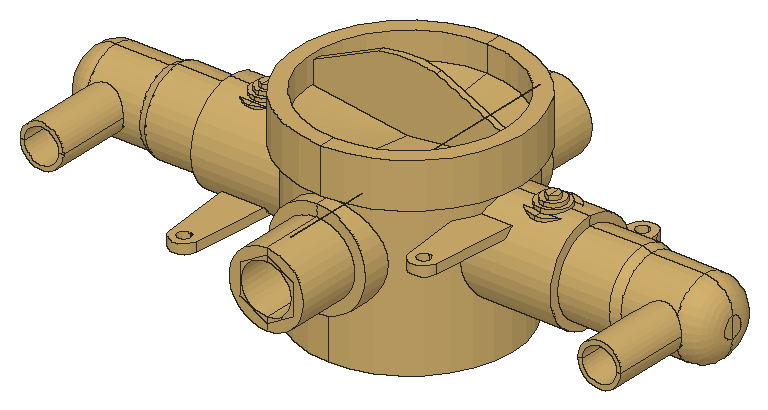
Revit family "Pressure_Balance_Rough_Valve-GROHE-35116000", category Plumbing Fixtures, host Face, Revit 2016
Family settings
  Host = Face
  Part Type = Normal
  Round Connector Dimension = Use Diameter
  OmniClass Number = 23.45.05.14.17
  OmniClass Title = Showers
  Cut with Voids When Loaded = Yes
  Shared = Yes
  Room Calculation Point = No
Parameters (values of type "GROHSAFE 3.0 - 35116000 1/2" NPT Outlet")
  Water Connection Diameter = 1/2"  # constant formula
  Waste Connection = no
  Warranty Information = ""
  WFU = 4  # constant formula
  Vent Connection = no
  URL = "www.grohe.ca"
  Type Comments = ""
  Specification = " 1/2in PEX Cold Expansion Elbow inlets; 1/2in Universal outlets; Includes plug for 3-port installation; Universal connection is 1/2” male threads by copper sweat; Flush plug included; Can be tested using flush plug with air (200 psi) or water 300 psi;Valve can be rotated 180 degrees to accommodate floor or ceiling supplies ;Made of DZR Brass; Service stops; Cartridge ships with the trim"  # constant formula
  Shower Outlet To Spout Outlet Width = 3 5/8"  # constant formula
  ScrewDriver Stop = yes
  Product Page URL = ""
  Product Documentation Link = ""
  Price = "Prices may vary. Please consult Manufacturer Representative for most up-to-date price list."  # constant formula
  Plaster Guard = yes
  Outlet to Wall = 2"
  Outlet to Outlet = 3 5/8"
  Outlet To Center = Shower Outlet To Spout Outlet Width / 2  # 1 13/16"
  Model = "35116000"  # constant formula
  Material = "DZR_Brass-Grohe"
  Manufacturer = "Grohe"  # constant formula
  Installation Type = "Wall Mounted"  # constant formula
  Inlet to Wall = 1"
  Inlet To Center = Hot Inlet To Cold Inlet Width / 2  # 3 1/4"
  Hot Inlet To Cold Inlet Width = 6 1/2"
  HWFU = 3  # constant formula
  HW Connection = yes
  Finish = DZR_Brass-Grohe
  Description = "Pressure Balance Valve Rough with Elbows - PEX Cold Expansion with Service Stops"  # constant formula
  Dept From Wall Face To Outlet = if(Outlet to Wall < 1 3/4", 1 3/4", if(Outlet to Wall > 2 3/4", 2 3/4", Outlet to Wall))  # 2"
  Dept From Wall Face To COFC = if(Inlet to Wall < 7/8", 7/8", if(Inlet to Wall > 2", 2", Inlet to Wall))  # 1"
  Default Elevation = 0"  # constant formula
  Creation Date = "03/20/2020"  # constant formula
  Connection Size = 1/2"  # constant formula
  Connection Outlet Description = "1/2\" NPT Connection Outlet"
  Connection HW Inlet Description = "1/2” PEX Cold Expansion Elbow Connection Inlet"
  Connection CW Inlet Description = "1/2” PEX Cold Expansion Elbow Connection Inlet"
  CWFU = 3  # constant formula
  CW Connection = yes
  Assembly Code = "D2020300"
Types (3): name | Connection Outlet Description
  (no name) | "1/2\" NPT Connection Outlet"
  GROHSAFE 3.0 - 35116000 1/2" Copper Sweat Outlet | "1/2\" Copper Sweat Connection Outlet"
  GROHSAFE 3.0 - 35116000 1/2" NPT Outlet | "1/2\" NPT Connection Outlet"
Reference planes (in)
  plane 1 "Center (Front/Back)": y = -0.625
  plane 2: z = 0
  plane 3 "Center (Left/Right)": x = 0
  plane 4: z = -0.45494
  plane 5: y = -0.59375
  plane 6: y = -0.65625
  plane 7: y = -2.4375
  plane 8: y = 1.1875
  plane 9: z = -2
  plane 10: z = -1
  plane 11: x = 1.03125
  plane 12: x = -1.03125
  plane 13: x = 2.4375
  plane 14: x = -2.4375
  plane 15: z = -1.27344
  plane 16: x = -2.8125
  plane 17: x = 3.25
  plane 18: x = -3.15977
  plane 19: x = -3.25
  plane 20: x = 3.25
  plane 21: x = 2.8125
Forms (in)
  Extrusion 1, solid
    sketch origin (0, 0, 0) x (1, 0, 0) y (0, 1, 0)
      loop
        line (-0.12634, -0.50696) -> (-0.12634, -0.76768) -> (0.16418, -0.76768) -> (0.16418, -0.50696) -> (-0.12634, -0.50696)
    from -0.69087 to -0.7969
  Revolve 2, solid, material "DZR_Brass-Grohe"
    sketch origin (0, 0, 0) x (0, 1, 0) y (0, 0, 1)
      loop
        line (0.40625, -2) -> (0.40625, -0.45494) -> (0.5046, -0.45494) -> (0.5046, 0) -> (0.34375, 0) -> (0.34375, -0.26863) -> (-0.625, -0.39363) -> (-0.625, -0.51744) -> (0.34375, -0.51744) -> (0.34375, -1.9375) -> (-0.625, -1.9375) -> (-0.625, -2) -> (0.40625, -2)
      axis (-0.625, 0) -> (-0.625, -2)
    angle from 0 to 360
  Extrusion 3, solid, material "DZR_Brass-Grohe"
    sketch origin (0, 1.1875, -0.69922) x (0, 1, 0) y (-1, 0, 0)
      loop
        line (-0.63558, 1.20343) -> (-1.8125, 1.31847) -> (-1.8125, 0.81724) -> (-0.63558, 0.93227)
        arc (-0.63558, 0.93227) -> (-0.5126, 1.06785) -> (-0.63558, 1.20343) r 0.13623
      loop
        circle (-0.64883, 1.06785) r 0.06518
      loop
        line (-2.98942, -1.20343) -> (-1.8125, -1.31847) -> (-1.8125, -0.81724) -> (-2.98942, -0.93227)
        arc (-2.98942, -0.93227) -> (-3.1124, -1.06785) -> (-2.98942, -1.20343) r 0.13623
      loop
        circle (-2.97617, -1.06785) r 0.06518
    from -0.01953 to 0.07575
  Extrusion 4, solid, material "DZR_Brass-Grohe", visible <- "Plaster Guard"
    sketch origin (0, -5.06165, -1.98606) x (0, -1, 0) y (1, 0, 0)
      loop
        arc (-3.25973, -1.48468) -> (-3.13676, -1.3491) -> (-3.25973, -1.21352) r 0.13623
        line (-3.25973, -1.21352) -> (-4.43665, -1.09849) -> (-4.43665, -1.59972) -> (-3.25973, -1.48468)
      loop
        circle (-3.27298, -1.3491) r 0.06518
      loop
        arc (-5.61357, 1.54718) -> (-5.73655, 1.4116) -> (-5.61357, 1.27602) r 0.13623
        line (-5.61357, 1.27602) -> (-4.43665, 1.16099) -> (-4.43665, 1.66222) -> (-5.61357, 1.54718)
      loop
        circle (-5.60032, 1.4116) r 0.06518
    from 0.61857 to 0.71262
  Extrusion 5, solid, material "DZR_Brass-Grohe"
    sketch origin (0, -0.625, 0) x (1, 0, 0) y (0, 0, 1)
      loop
        line (1.06785, -0.45494) -> (1.06785, -0.09479) -> (0.29629, 0.26499)
        arc (0.29629, 0.26499) -> (0, 0.30738) -> (-0.29629, 0.26499) r 1.05669
        line (-0.29629, 0.26499) -> (-1.06785, -0.09479) -> (-1.06785, -0.45494) -> (1.06785, -0.45494)
    from -0.03125 to 0.03125
  Revolve 6, solid, material "DZR_Brass-Grohe", visible <- "ScrewDriver Stop"
    sketch origin (-1.44285, -0.65886, 48.30811) x (0, -1, 0) y (0, 0, 1)
      loop
        line (-0.03386, -48.93159) -> (0.19474, -48.93159) -> (0.19474, -48.84071) -> (0.12322, -48.84071) -> (0.12322, -48.80071) -> (0.07947, -48.80071) -> (0.07947, -48.76585) -> (0.03078, -48.76585) -> (0.03078, -48.7303) -> (-0.03386, -48.7303) -> (-0.03386, -48.93159)
      axis (-0.03386, -48.93159) -> (-0.03386, -48.7303)
    angle from 0 to 360
  Revolve 7, solid, material "DZR_Brass-Grohe", visible <- "ScrewDriver Stop"
    sketch origin (1.44285, 2.2913, 48) x (0, 1, 0) y (0, 0, 1)
      loop
        line (-2.9163, -48.62347) -> (-2.9163, -48.41325) -> (-2.98094, -48.41325) -> (-2.98094, -48.4488) -> (-3.03483, -48.4488) -> (-3.03483, -48.48367) -> (-3.07858, -48.48367) -> (-3.07858, -48.52367) -> (-3.1501, -48.52367) -> (-3.1501, -48.62347) -> (-2.9163, -48.62347)
      axis (-2.9163, -48.62347) -> (-2.9163, -48.41325)
    angle from 0 to 360
  Revolve 8, solid, material "DZR_Brass-Grohe"
    sketch origin (0, -0.625, 0) x (1, 0, 0) y (0, 0, 1)
      loop
        line (2.33361, -0.75) -> (2.33361, -1) -> (3.25, -1) -> (3.25, -0.89862)
        arc (3.25, -0.89862) -> (3.16757, -0.69962) -> (2.96856, -0.61719) r 0.28144
        line (2.96856, -0.61719) -> (2.42782, -0.61719) -> (2.34113, -0.58459) -> (1.8125, -0.58459) -> (1.8125, -0.5) -> (-1.8125, -0.5) -> (-1.8125, -0.58459) -> (-2.34113, -0.58459) -> (-2.42782, -0.61719) -> (-2.96856, -0.61719)
        arc (-2.96856, -0.61719) -> (-3.16757, -0.69962) -> (-3.25, -0.89862) r 0.28144
        line (-3.25, -0.89862) -> (-3.25, -1) -> (-2.33361, -1) -> (-2.33361, -0.75) -> (2.33361, -0.75)
      axis (3.25, -1) -> (-3.25, -1)
    angle from 0 to 360
  Revolve 9, solid, material "DZR_Brass-Grohe"
    sketch origin (0, -0.625, 0) x (0, 1, 0) y (0, 0, 1)
      loop
        line (1.8125, -0.75) -> (1.8125, -0.6875) -> (1.8125, -0.625) -> (1.17692, -0.625) -> (1.17692, -0.50765) -> (-1.17692, -0.50765) -> (-1.17692, -0.625) -> (-1.8125, -0.625) -> (-1.8125, -0.6875) -> (-1.8125, -0.75) -> (1.8125, -0.75)
      axis (1.8125, -1) -> (-1.8125, -1)
    angle from 0 to 360
  Extrusion 10, void
    sketch origin (0, 1.1875, -0.72266) x (0, 1, 0) y (-1, 0, 0)
      loop
        circle (-1.8125, 0) r 2
    from -2.58468 to 0.72266
  Revolve 11, solid, material "DZR_Brass-Grohe"
    sketch origin (-0.02344, 1.1875, -0.99609) x (0, 1, 0) y (-1, 0, 0)
      loop
        line (-1.8125, 2.61691) -> (-2.94278, 2.61691) -> (-2.94278, 2.57214) -> (-1.8125, 2.57214) -> (-1.8125, 2.61691)
      axis (-2.94278, 2.78906) -> (-1.8125, 2.78906)
    angle from 0 to 360
  Revolve 12, solid, material "DZR_Brass-Grohe"
    sketch origin (0.02344, 1.1875, -0.99609) x (0, 1, 0) y (-1, 0, 0)
      loop
        line (-2.94278, -2.57214) -> (-2.94278, -2.61691) -> (-1.8125, -2.61691) -> (-1.8125, -2.57214) -> (-2.94278, -2.57214)
      axis (-2.94278, -2.78906) -> (-1.8125, -2.78906)
    angle from 0 to 360
Cuts and joins
  joined: Extrusion 3, Extrusion 5
Lines and regions (in)
  Masking region 1
    outline origin (0, 0, 0) x (0, 1, 0) y (0, 0, 1)
      loop
        line (0.5046, 0) -> (-0.59375, 0) -> (-0.59375, 0.30738) -> (-0.65625, 0.30738) -> (-0.65625, 0) -> (-1.7546, 0) -> (-1.7546, -0.45494) -> (-1.80192, -0.45494) -> (-1.80192, -0.62347) -> (-2.4375, -0.62347) -> (-2.4375, -0.6875) -> (-2.4375, -1.30469) -> (-2.4375, -1.3753) -> (-1.80192, -1.3753) -> (-1.80192, -1.48844) -> (-1.65625, -1.48844) -> (-1.65625, -2) -> (0.40625, -2) -> (0.40625, -1.49123) -> (0.55192, -1.49123) -> (0.55192, -1.3753) -> (1.1875, -1.3753) -> (1.1875, -1.30469) -> (1.1875, -0.6875) -> (1.1875, -0.62347) -> (0.55192, -0.62347) -> (0.55192, -0.45494) -> (0.5046, -0.45494) -> (0.5046, 0)
  Masking region 2
    outline origin (0, -0.625, 0) x (1, 0, 0) y (0, 0, 1)
      loop
        arc (0.29629, 0.26499) -> (0, 0.30738) -> (-0.29629, 0.26499) r 1.05669
        line (-0.29629, 0.26499) -> (-0.86457, 0) -> (-1.1296, 0) -> (-1.1296, -0.45494) -> (-1.03125, -0.45494) -> (-1.03125, -0.50027) -> (-1.23806, -0.50027) -> (-1.23806, -0.36738) -> (-1.63583, -0.36738) -> (-1.63583, -0.50027) -> (-1.8125, -0.50027) -> (-1.8125, -0.58245) -> (-2.33543, -0.58245) -> (-2.42782, -0.61719) -> (-2.99193, -0.61719)
        arc (-2.99193, -0.61719) -> (-3.17441, -0.69277) -> (-3.25, -0.87526) r 0.25807
        line (-3.25, -0.87526) -> (-3.25, -1.11349)
        arc (-3.25, -1.11349) -> (-3.17112, -1.30393) -> (-2.98068, -1.38281) r 0.26932
        line (-2.98068, -1.38281) -> (-2.42782, -1.38281) -> (-2.33543, -1.41755) -> (-1.8125, -1.41755) -> (-1.8125, -1.49973) -> (-1.03125, -1.49973) -> (-1.03125, -2) -> (1.03125, -2) -> (1.03125, -1.49973) -> (1.8125, -1.49973) -> (1.8125, -1.41755) -> (2.33543, -1.41755) -> (2.42782, -1.38281) -> (2.98068, -1.38281)
        arc (2.98068, -1.38281) -> (3.17112, -1.30393) -> (3.25, -1.11349) r 0.26932
        line (3.25, -1.11349) -> (3.25, -0.87526)
        arc (3.25, -0.87526) -> (3.17441, -0.69277) -> (2.99193, -0.61719) r 0.25807
        line (2.99193, -0.61719) -> (2.42782, -0.61719) -> (2.33543, -0.58245) -> (1.8125, -0.58245) -> (1.8125, -0.50027) -> (1.63583, -0.50027) -> (1.63583, -0.36738) -> (1.23806, -0.36738) -> (1.23806, -0.50027) -> (1.03125, -0.50027) -> (1.03125, -0.45494) -> (1.1296, -0.45494) -> (1.1296, 0) -> (0.86457, 0) -> (0.29629, 0.26499)
  Masking region 3
    outline origin (0.00133, -0.625, 0.00007) x (1, 0, 0) y (0, 0, 1)
      loop
        arc (0.29629, 0.26499) -> (0, 0.30738) -> (-0.29629, 0.26499) r 1.05669
        line (-0.29629, 0.26499) -> (-0.86457, 0) -> (-1.1296, 0) -> (-1.1296, -0.45494) -> (-1.03125, -0.45494) -> (-1.03125, -0.50027) -> (-1.23806, -0.50027) -> (-1.23806, -0.36738) -> (-1.63583, -0.36738) -> (-1.63583, -0.50027) -> (-1.8125, -0.50027) -> (-1.8125, -0.58245) -> (-2.33543, -0.58245) -> (-2.42782, -0.61719) -> (-2.99193, -0.61719)
        arc (-2.99193, -0.61719) -> (-3.17441, -0.69277) -> (-3.25, -0.87526) r 0.25807
        line (-3.25, -0.87526) -> (-3.25, -1.11349)
        arc (-3.25, -1.11349) -> (-3.17112, -1.30393) -> (-2.98068, -1.38281) r 0.26932
        line (-2.98068, -1.38281) -> (-2.42782, -1.38281) -> (-2.33543, -1.41755) -> (-1.8125, -1.41755) -> (-1.8125, -1.49973) -> (-1.03125, -1.49973) -> (-1.03125, -2) -> (1.03125, -2) -> (1.03125, -1.49973) -> (1.8125, -1.49973) -> (1.8125, -1.41755) -> (2.33543, -1.41755) -> (2.42782, -1.38281) -> (2.98068, -1.38281)
        arc (2.98068, -1.38281) -> (3.17112, -1.30393) -> (3.25, -1.11349) r 0.26932
        line (3.25, -1.11349) -> (3.25, -0.87526)
        arc (3.25, -0.87526) -> (3.17441, -0.69277) -> (2.99193, -0.61719) r 0.25807
        line (2.99193, -0.61719) -> (2.42782, -0.61719) -> (2.33543, -0.58245) -> (1.8125, -0.58245) -> (1.8125, -0.50027) -> (1.63583, -0.50027) -> (1.63583, -0.36738) -> (1.23806, -0.36738) -> (1.23806, -0.50027) -> (1.03125, -0.50027) -> (1.03125, -0.45494) -> (1.1296, -0.45494) -> (1.1296, 0) -> (0.86457, 0) -> (0.29629, 0.26499)
  symbolic lines, detail levels fine
    curve 1: line (0.86457, -0.625, 0) -> (-0.86457, -0.625, 0)
    curve 2: line (1.1296, -0.625, -0.45494) -> (0, -0.625, -0.45494)
    curve 3: line (0, -0.625, -0.45494) -> (-1.1296, -0.625, -0.45494)
    curve 4: circle (0, -0.625, -1) r 0.3125 normal (0, -1, 0)
    curve 5: circle (0, -0.625, -1) r 0.25 normal (0, -1, 0)
    curve 6: circle (0, -0.625, -1) r 0.375 normal (0, -1, 0)
    curve 7: line (0, 0.5046, -0.45494) -> (0, -1.7546, -0.45494)
    curve 8: circle (0, -0.625, -1) r 0.41541 normal (-1, 0, 0)
    curve 9: circle (0, -0.625, -1) r 0.25 normal (-1, 0, 0)
    curve 10: circle (0, -0.625, -1) r 0.5 normal (-1, 0, 0)
    curve 11: circle (0, -0.625, -1) r 0.3125 normal (-1, 0, 0)
    curve 12: line (1.8125, -0.625, -0.5) -> (1.8125, -0.625, -1.5)
    curve 13: line (2.42782, -0.625, -1.38281) -> (2.42782, -0.625, -0.61719)
    curve 14: line (2.34113, -0.625, -1.41541) -> (2.34113, -0.625, -0.58459)
    curve 15: line (-2.42782, -0.625, -1.38281) -> (-2.42782, -0.625, -0.61719)
    curve 16: line (-2.34113, -0.625, -1.41541) -> (-2.34113, -0.625, -0.58459)
Dimensions and locks (in)
  locked: Revolve 2 sketch curve to Revolve 2 sketch curve at 0.0625
  locked: cut or joined group of Extrusion 3, Extrusion 5 to cut or joined group of Extrusion 3, Extrusion 5 at 0.09528
  locked: Extrusion 4 to Extrusion 4 at 0.09405
  plane 4 to level = 0.45494"
  Revolve 7 sketch curve to Revolve 7 sketch curve to Revolve 7 sketch curve to Revolve 7 sketch curve to Revolve 7 sketch curve = 0.03555" locked, 0.03486" locked, 0.04" locked, 0.0998" locked
  Revolve 7 sketch curve to Revolve 7 sketch curve to Revolve 7 sketch curve to Revolve 7 sketch curve to Revolve 7 sketch curve = 0.06464" locked, 0.0539" locked, 0.04375" locked, 0.07151" locked
  Revolve 2 sketch curve to Revolve 2 sketch curve to Revolve 2 sketch curve to plane 1 "Center (Front/Back)" = 0.09835" locked, 1/16" locked, 31/32" locked
  Revolve 2 sketch curve to Revolve 2 sketch curve to Revolve 2 sketch curve = 1/16" locked, 0.45494"
  equal spacing: plane 8, plane 1 "Center (Front/Back)", plane 7
  "Dept From Wall Face To Outlet": level to plane 9
  "Dept From Wall Face To COFC": level to plane 10
  level to plane 10 = 1"
  plane 6 to plane 7 = 1 25/32"
  Extrusion 4 to Extrusion 4 = 0.09405"
  Revolve 7 sketch curve to Revolve 7 sketch curve = 0.21022"
  plane 10 to plane 15 = 35/128"  (x2)
  locked: cut or joined group of Extrusion 3, Extrusion 5 to plane 10 at 0.28125
  "Outlet to Outlet": Revolve 9 sketch curve to Revolve 9 sketch curve
  equal spacing: Revolve 9 sketch curve, plane 1 "Center (Front/Back)", Revolve 9 sketch curve
  Revolve 9 sketch curve to Revolve 9 sketch curve to Revolve 9 sketch curve = 1/8" locked, 0.11735" locked
  Revolve 6 sketch curve to Revolve 6 sketch curve to Revolve 6 sketch curve to Revolve 6 sketch curve = 0.03555" locked, 0.03486" locked, 0.04" locked
  Revolve 6 sketch curve to Revolve 6 sketch curve to Revolve 6 sketch curve to Revolve 6 sketch curve to Revolve 6 sketch curve = 0.06464" locked, 0.04869", 0.04375" locked, 0.07151" locked
  "Hot Inlet To Cold Inlet Width": Revolve 8 sketch curve to Revolve 8 sketch curve
  equal spacing: Revolve 8 sketch curve, plane 3 "Center (Left/Right)", Revolve 8 sketch curve
  locked: plane 18 to plane 16 at 0.34727
  equal spacing: plane 19, plane 3 "Center (Left/Right)", plane 20
  "Inlet To Center": plane 19 to plane 3 "Center (Left/Right)"
  locked: plane 19 to plane 16 at 0.4375
  locked: Revolve 12 sketch curve to Revolve 12 sketch curve at 0.04477
  locked: plane 20 to plane 21 at 0.4375
  radius of Revolve 8 sketch curve = 0.28144"  (x2)
  aligned and locked: plane 1 "Center (Front/Back)" to Revolve 2 sketch curve
  aligned and locked: Revolve 2 sketch curve to plane 1 "Center (Front/Back)"  (x2)
  aligned and locked: plane 1 "Center (Front/Back)" to Extrusion 3 sketch curve
  aligned and locked: Extrusion 5 to plane 5
  aligned and locked: Revolve 2 sketch curve to Revolve 2 sketch curve
  aligned and locked: Revolve 2 to curve 1
  aligned and locked: plane 10 to Revolve 8 sketch curve  (x2)
  aligned and locked: Revolve 9 sketch curve to plane 10
  aligned and locked: Revolve 2 sketch curve to plane 9
  aligned and locked: plane 7 to Revolve 9 sketch curve
  aligned and locked: plane 4 to Revolve 2 sketch curve
  aligned and locked: Extrusion 4 to plane 15
  aligned and locked: level to Extrusion 10
  aligned and locked: curve 5 to Revolve 9
  aligned and locked: curve 6 to Revolve 9
  aligned and locked: Masking region 1 sketch curve to Revolve 2  (x5)
  aligned and locked: Masking region 1 sketch curve to Revolve 9  (x6)
  aligned and locked: Masking region 1 sketch curve to cut or joined group of Extrusion 3, Extrusion 5
  aligned and locked: curve 7 to Revolve 2
  aligned and locked: curve 8 to Revolve 8
  aligned and locked: curve 9 to Revolve 8
  aligned and locked: curve 10 to Revolve 8
  aligned and locked: Revolve 9 sketch curve to Revolve 9 sketch curve
  aligned and locked: Revolve 7 sketch curve to cut or joined group of Extrusion 3, Extrusion 5
  aligned and locked: Masking region 2 sketch curve to cut or joined group of Extrusion 3, Extrusion 5  (x2)
  aligned and locked: cut or joined group of Extrusion 3, Extrusion 5 to Masking region 2 sketch curve
  aligned and locked: Revolve 8 to Masking region 2 sketch curve
  aligned and locked: Masking region 2 sketch curve to Revolve 2
  aligned and locked: curve 12 to Revolve 8
  aligned and locked: Revolve 11 sketch curve to plane 16
  aligned and locked: plane 21 to Revolve 12 sketch curve
  aligned and locked: curve 13 to Revolve 8
  aligned and locked: curve 14 to Revolve 8
  aligned and locked: curve 15 to Revolve 8
  aligned and locked: curve 16 to Revolve 8
Automatic sketch dimensions
  curve 4 to curve 5 = 0"  (x2)
  curve 3 to plane 4 = 0"
  curve 1 to level = 0"
  curve 2 to plane 3 "Center (Left/Right)" = 0"
  curve 1 to plane 12 = 0.16668"
  plane 12 to curve 3 = 0.09835"
  plane 11 to curve 1 = 0.16668"
  curve 2 to plane 11 = 0.09835"
  curve 12 to plane 15 = 29/128"
  curve 12 to plane 4 = 0.04506"
  Extrusion 1 sketch curve to Extrusion 1 sketch curve = 0.29052"
  Extrusion 1 sketch curve to Extrusion 1 sketch curve = 0.26072"
  plane 4 to Revolve 2 sketch curve = 0.06131"
  plane 4 to Revolve 2 sketch curve = 0.18631"
  level to Revolve 2 sketch curve = 0.24949"
  Revolve 2 sketch curve to Revolve 2 sketch curve = 0.17262"
  Extrusion 3 sketch curve to Extrusion 3 sketch curve = 0"  (x4)
  plane 1 "Center (Front/Back)" to Extrusion 3 sketch curve = 0"
  Extrusion 3 sketch curve to plane 11 = 0.0366"
  plane 7 to Extrusion 3 sketch curve = 0.64883"
  Extrusion 3 sketch curve to plane 11 = 0.17218"
  Extrusion 3 sketch curve to Extrusion 3 sketch curve = 0.01325"  (x2)
  plane 11 to Extrusion 3 sketch curve = 0.09898"
  plane 12 to Extrusion 3 sketch curve = 0.0366"
  Extrusion 3 sketch curve to plane 8 = 0.64883"
  plane 12 to Extrusion 3 sketch curve = 0.17218"
  Extrusion 3 sketch curve to plane 12 = 0.09898"
  Extrusion 3 sketch curve to plane 11 = 0.28722"
  plane 11 to Extrusion 3 sketch curve = 0.21401"
  Extrusion 3 sketch curve to plane 12 = 0.21401"
  plane 12 to Extrusion 3 sketch curve = 0.28722"
  Extrusion 4 sketch curve to Extrusion 4 sketch curve = 0"  (x4)
  plane 1 "Center (Front/Back)" to Extrusion 4 sketch curve = 0"  (x2)
  Extrusion 4 sketch curve to plane 8 = 0.64883"
  Extrusion 4 sketch curve to Extrusion 4 sketch curve = 0.01325"  (x4)
  Extrusion 4 sketch curve to plane 11 = 0.24477"
  plane 12 to Extrusion 4 sketch curve = 0.31785"
  plane 7 to Extrusion 4 sketch curve = 0.64883"
  plane 12 to Extrusion 4 sketch curve = 0.18227"
  plane 12 to Extrusion 4 sketch curve = 0.56847"
  plane 12 to Extrusion 4 sketch curve = 0.06724"
  Extrusion 4 sketch curve to plane 11 = 0.12974"
  Extrusion 4 sketch curve to Extrusion 4 sketch curve = 0.13558"
  Extrusion 4 sketch curve to Extrusion 4 sketch curve = 0.50123"
  Extrusion 5 sketch curve to plane 4 = 0"
  Extrusion 5 sketch curve to plane 3 "Center (Left/Right)" = 0"
  Extrusion 5 sketch curve to plane 3 "Center (Left/Right)" = 0.29629"
  plane 12 to Extrusion 5 sketch curve = 0.0366"
  plane 3 "Center (Left/Right)" to Extrusion 5 sketch curve = 0.29629"
  Extrusion 5 sketch curve to plane 11 = 0.0366"
  plane 10 to Extrusion 5 sketch curve = 0.25069"
  Extrusion 5 sketch curve to level = 0.09479"  (x2)
  level to Extrusion 5 sketch curve = 0.26499"
  Revolve 6 sketch curve to plane 1 "Center (Front/Back)" = 0"  (x2)
  Revolve 6 sketch curve to plane 4 = 0.16854"
  Revolve 6 sketch curve to plane 4 = 0.07766"
  Revolve 6 sketch curve to level = 0.16986"
  Revolve 6 sketch curve to Revolve 6 sketch curve = 0.0443"
  Revolve 7 sketch curve to plane 1 "Center (Front/Back)" = 0"  (x2)
  Revolve 7 sketch curve to plane 4 = 0.02304"
  Revolve 7 sketch curve to Revolve 7 sketch curve = 0.02042"
  plane 1 "Center (Front/Back)" to Extrusion 10 sketch curve = 0"
  Extrusion 10 sketch curve to plane 3 "Center (Left/Right)" = 0"
  plane 1 "Center (Front/Back)" to Revolve 12 sketch curve = 0"
  Revolve 12 sketch curve to plane 21 = 0.17215"
  plane 7 to Revolve 12 sketch curve = 0.68222"
  Revolve 12 sketch curve to Revolve 12 sketch curve = 0.40188"
  Revolve 12 sketch curve to Revolve 12 sketch curve = 0.22091"
  plane 1 "Center (Front/Back)" to Revolve 11 sketch curve = 0"
  Revolve 11 sketch curve to plane 16 = 0.17215"
  plane 7 to Revolve 11 sketch curve = 0.68222"
  Revolve 11 sketch curve to Revolve 11 sketch curve = 0.40188"
  Revolve 11 sketch curve to Revolve 11 sketch curve = 0.22091"
  Revolve 11 sketch curve to Revolve 11 sketch curve = 0.04477"
  curve 8 to curve 11 = 0"  (x2)
  plane 7 to curve 7 = 0.6829"
  curve 7 to plane 8 = 0.6829"
  Masking region 2 sketch curve to plane 19 = 0"
  Masking region 2 sketch curve to level = 0"  (x2)
  Masking region 2 sketch curve to plane 4 = 0"  (x2)
  plane 12 to Masking region 2 sketch curve = 0"  (x2)
  plane 11 to Masking region 2 sketch curve = 0"  (x2)
  Masking region 2 sketch curve to plane 20 = 0"
  plane 16 to Masking region 2 sketch curve = 0.17943"
  Masking region 2 sketch curve to plane 15 = 7/64"  (x2)
  plane 16 to Masking region 2 sketch curve = 0.16818"
  Masking region 2 sketch curve to plane 14 = 0.00968"  (x2)
  Masking region 2 sketch curve to Masking region 2 sketch curve = 0.09239"  (x2)
  Masking region 2 sketch curve to plane 15 = 0.14411"
  Masking region 2 sketch curve to Masking region 2 sketch curve = 0.52293"  (x2)
  Masking region 2 sketch curve to plane 4 = 0.12751"  (x2)
  plane 4 to Masking region 2 sketch curve = 0.08756"  (x2)
  Masking region 2 sketch curve to Masking region 2 sketch curve = 0.17667"  (x2)
  Masking region 2 sketch curve to plane 4 = 0.04533"  (x3)
  plane 12 to Masking region 2 sketch curve = 0.20681"
  plane 12 to Masking region 2 sketch curve = 0.09835"
  Masking region 2 sketch curve to plane 11 = 0.09835"
  Masking region 2 sketch curve to Masking region 2 sketch curve = 0.10847"
  Masking region 2 sketch curve to plane 15 = 0.2263"
  plane 13 to Masking region 2 sketch curve = 5/8"
  plane 13 to Masking region 2 sketch curve = 0.10207"  (x2)
  plane 13 to Masking region 2 sketch curve = 0.00968"  (x2)
  plane 21 to Masking region 2 sketch curve = 0.16818"
  plane 21 to Masking region 2 sketch curve = 0.17943"
  Masking region 2 sketch curve to Masking region 2 sketch curve = 0.08218"
  Masking region 2 sketch curve to Masking region 2 sketch curve = 0.03474"
  plane 10 to Masking region 2 sketch curve = 0.12474"  (x2)
  Masking region 2 sketch curve to Masking region 2 sketch curve = 0.04533"
  curve 13 to plane 15 = 7/64"
  curve 13 to plane 4 = 0.16225"
  curve 14 to curve 13 = 0.0326"
  curve 13 to curve 14 = 0.0326"
  curve 15 to plane 15 = 7/64"
  curve 15 to plane 4 = 0.16225"
  curve 16 to curve 15 = 0.0326"
  curve 15 to curve 16 = 0.0326"
  plane 19 to Masking region 3 sketch curve = 0.00133"
  plane 16 to Masking region 3 sketch curve = 0.17811"
  Masking region 3 sketch curve to plane 15 = 0.1093"  (x2)
  plane 16 to Masking region 3 sketch curve = 0.16685"
  Masking region 3 sketch curve to plane 14 = 0.01101"  (x2)
  Masking region 3 sketch curve to Masking region 3 sketch curve = 0.09239"  (x2)
  Masking region 3 sketch curve to plane 15 = 0.14404"
  Masking region 3 sketch curve to Masking region 3 sketch curve = 0.52293"  (x2)
  Masking region 3 sketch curve to plane 4 = 0.12744"  (x2)
  plane 4 to Masking region 3 sketch curve = 0.08763"  (x2)
  Masking region 3 sketch curve to Masking region 3 sketch curve = 0.17667"  (x2)
  Masking region 3 sketch curve to plane 4 = 0.04526"  (x4)
  plane 12 to Masking region 3 sketch curve = 0.20549"
  level to Masking region 3 sketch curve = 0.00007"  (x2)
  plane 12 to Masking region 3 sketch curve = 0.09702"
  plane 4 to Masking region 3 sketch curve = 0.00007"  (x2)
  Masking region 3 sketch curve to plane 12 = 0.00133"  (x2)
  Masking region 3 sketch curve to plane 12 = 0.16801"
  Masking region 3 sketch curve to plane 3 "Center (Left/Right)" = 0.29497"
  plane 3 "Center (Left/Right)" to Masking region 3 sketch curve = 0.00133"
  plane 3 "Center (Left/Right)" to Masking region 3 sketch curve = 0.29762"
  plane 11 to Masking region 3 sketch curve = 0.16535"
  plane 9 to Masking region 3 sketch curve = 0.00007"
  Masking region 3 sketch curve to plane 11 = 0.00133"  (x2)
  Masking region 3 sketch curve to plane 11 = 0.09967"
  Masking region 3 sketch curve to Masking region 3 sketch curve = 0.10847"
  Masking region 3 sketch curve to Masking region 3 sketch curve = 0.39777"
  Masking region 3 sketch curve to plane 15 = 0.22623"
  plane 13 to Masking region 3 sketch curve = 0.62367"
  plane 13 to Masking region 3 sketch curve = 0.10075"  (x2)
  plane 13 to Masking region 3 sketch curve = 0.00835"  (x2)
  plane 21 to Masking region 3 sketch curve = 0.1695"
  plane 21 to Masking region 3 sketch curve = 0.18076"
  plane 20 to Masking region 3 sketch curve = 0.00133"
  Masking region 3 sketch curve to Masking region 3 sketch curve = 0.08218"
  Masking region 3 sketch curve to Masking region 3 sketch curve = 0.03474"
  plane 10 to Masking region 3 sketch curve = 0.12482"  (x2)
  plane 10 to Masking region 3 sketch curve = 0.25076"
  level to Masking region 3 sketch curve = 0.26506"
  Masking region 1 sketch curve to plane 6 = 0"
  Masking region 1 sketch curve to plane 5 = 0"
  Masking region 1 sketch curve to plane 4 = 0"
  Masking region 1 sketch curve to level = 0"
  Masking region 1 sketch curve to Masking region 1 sketch curve = 0.14567"  (x3)
  Masking region 1 sketch curve to plane 8 = 25/32"
  Masking region 1 sketch curve to plane 15 = 0.10186"
  Masking region 1 sketch curve to Masking region 1 sketch curve = 0.11593"
  Masking region 1 sketch curve to plane 4 = 0.16854"
  Masking region 1 sketch curve to Masking region 1 sketch curve = 0.30738"
  Masking region 1 sketch curve to Masking region 1 sketch curve = 0.11314"
  Masking region 1 sketch curve to plane 15 = 1/32"  (x2)
  Masking region 1 sketch curve to Masking region 1 sketch curve = 0.06403"  (x2)
  Masking region 1 sketch curve to Masking region 1 sketch curve = 0"  (x2)
  Masking region 1 sketch curve to plane 15 = 0.215"
  Revolve 8 sketch curve to plane 10 = 0"
  Revolve 8 sketch curve to plane 14 = 0.09637"
  Revolve 8 sketch curve to plane 14 = 0.10389"
  Revolve 8 sketch curve to plane 4 = 0.12965"  (x2)
  Revolve 8 sketch curve to Revolve 8 sketch curve = 0.52863"
  plane 13 to Revolve 8 sketch curve = 5/8"
  plane 13 to Revolve 8 sketch curve = 0.10389"
  plane 13 to Revolve 8 sketch curve = 0.09637"
  plane 13 to Revolve 8 sketch curve = 0.00968"
  Revolve 8 sketch curve to Revolve 8 sketch curve = 0.10138"
  plane 10 to Revolve 8 sketch curve = 0.10138"
  Revolve 8 sketch curve to Revolve 8 sketch curve = 17/128"
  Revolve 8 sketch curve to plane 4 = 0.04506"
  plane 16 to Revolve 8 sketch curve = 0.01605"
  plane 14 to Revolve 8 sketch curve = 0.01756"
  Revolve 8 sketch curve to plane 14 = 0.00968"
  Revolve 9 sketch curve to plane 7 = 0"
  Revolve 9 sketch curve to plane 8 = 0"
  Revolve 9 sketch curve to plane 4 = 0.17006"
  Revolve 9 sketch curve to Revolve 9 sketch curve = 0.63558"
  Revolve 9 sketch curve to plane 7 = 0.01756"
  Revolve 9 sketch curve to Revolve 9 sketch curve = 0.44748"
  Revolve 9 sketch curve to Revolve 9 sketch curve = 1/16"  (x2)
  Revolve 9 sketch curve to Revolve 9 sketch curve = 0"  (x2)
  radius of curve 4 = 5/16"
  radius of Extrusion 3 sketch curve = 0.06518"  (x2)
  radius of Extrusion 4 sketch curve = 0.06518"  (x2)
  radius of Extrusion 10 sketch curve = 2"
  radius of curve 11 = 5/16"
Connectors (in)
  piping at (0, -2.4375, -1), diameter 0.5, driven by "Connection Outlet Description", driven by "Connection Size"
    settings: on Revolve 9, index 1, connector inside diameter 24", connector length 0", flow factor 0, pipe flow 0 GPM, pressure drop 0.00 psi, fitting loss kfactor 0, connector angle 0.00°, fixture units 0, engagement length 0", angle of deflection 0.00°, flow configuration 2, flow direction 2, fitting loss method 0, system type 7, joint type 0, gender type 0, connector reference index -1, connector utility 0, adjustable connector no, is connector primary yes, connector description "1/2\" NPT Connection Outlet"
  piping at (0, 1.1875, -1), diameter 0.5, driven by "Connection Outlet Description", driven by "Connection Size"
    settings: on Revolve 9, index 2, connector inside diameter 24", connector length 0", flow factor 0, pipe flow 0 GPM, pressure drop 0.00 psi, fitting loss kfactor 0, connector angle 0.00°, fixture units 0, engagement length 0", angle of deflection 0.00°, flow configuration 2, flow direction 2, fitting loss method 0, system type 7, joint type 0, gender type 0, connector reference index -1, connector utility 0, adjustable connector no, is connector primary no, connector description "1/2\" NPT Connection Outlet"
  piping at (-2.90273, -1.75528, -0.99609), diameter 0.5, driven by "Connection HW Inlet Description", driven by "Connection Size"
    settings: on Revolve 11, index 3, connector inside diameter 24", connector length 0", flow factor 0, pipe flow 0 GPM, pressure drop 0.00 psi, fitting loss kfactor 0, connector angle 0.00°, fixture units 0, engagement length 0", angle of deflection 0.00°, flow configuration 2, flow direction 1, fitting loss method 0, system type 19, joint type 0, gender type 0, connector reference index -1, connector utility 0, adjustable connector no, is connector primary no, connector description "1/2” PEX Cold Expansion Elbow Connection Inlet"
  piping at (2.8125, -1.75528, -0.99609), diameter 0.5, driven by "Connection CW Inlet Description", driven by "Connection Size"
    settings: on Revolve 12, index 4, connector inside diameter 24", connector length 0", flow factor 0, pipe flow 0 GPM, pressure drop 0.00 psi, fitting loss kfactor 0, connector angle 0.00°, fixture units 0, engagement length 0", angle of deflection 0.00°, flow configuration 2, flow direction 1, fitting loss method 0, system type 20, joint type 0, gender type 0, connector reference index -1, connector utility 0, adjustable connector no, is connector primary no, connector description "1/2” PEX Cold Expansion Elbow Connection Inlet"
